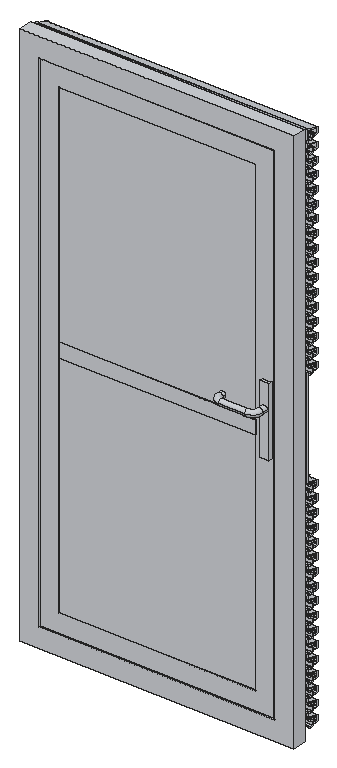
Revit family "NLRS_31_DO_WB_HS42R enkele deur-AV_jazo_jazo", category Doors, host Wall, Revit 2020
Family settings
  Host = Wall
  OmniClass Number = 23.30.10.00
  OmniClass Title = Doors
  Always vertical = Yes
  Cut with Voids When Loaded = No
  Shared = No
  Room Calculation Point = No
Parameters (values of type "TYPE CATALOG")
  URL = "www.jazo.com"
  Thickness = if(JAZO_C_forster presto kozijn, 50 mm, if(JAZO_C_aluminium kozijn, 60 mm, 50 mm))  # 50 mm
  Rough Width = NLRS_C_breedte_01  # 1010 mm
  Rough Height = NLRS_C_hoogte_01  # 2010 mm
  Operation = ""
  Negge = 61 mm
  NLRS_C_zelfsluitend = no
  NLRS_C_weerstandsklasse = "Voor specificaties of mogelijkheden, neem contact op."  # constant formula
  NLRS_C_vluchtroute = "Voor specificaties of mogelijkheden, neem contact op."  # constant formula
  NLRS_C_stelruimte = if(NLRS_C_brandwerend, 10 mm, 5 mm)  # 5 mm
  NLRS_C_rookwerendheid = "Voor specificaties of mogelijkheden, neem contact op."  # constant formula
  NLRS_C_offset_02 = if(JAZO_C_calculatie_03 < 0 mm, JAZO_C_calculatie_03 - ((NLRS_C_aantal_02 - 13) * 48 mm), NLRS_C_offset_01)  # 31.6 mm
  NLRS_C_offset_01 = if(JAZO_C_calculatie_03 > 0 mm, JAZO_C_calculatie_03 - ((NLRS_C_aantal_01 - 2) * 48 mm), 0 mm)  # 0 mm
  NLRS_C_offset = Negge  # 61 mm
  NLRS_C_merk = "Voor specificaties of mogelijkheden, neem contact op."  # constant formula
  NLRS_C_leverancier_url = "www.jazo.com"  # constant formula
  NLRS_C_leverancier_telefoonnummer = "+31 316 - 59 29 11"  # constant formula
  NLRS_C_leverancier_postcode = "6905 DJ"  # constant formula
  NLRS_C_leverancier_plaats = "Zevenaar"  # constant formula
  NLRS_C_leverancier_email = "info@jazo.com"  # constant formula
  NLRS_C_leverancier_bedrijfsnaam = "JAZO Zevenaar bv"  # constant formula
  NLRS_C_leverancier_adres = "Handelsdwarsstraat 10"  # constant formula
  NLRS_C_lengte_02 = if(JAZO_C_calculatie_02 < (13 * 48 mm), JAZO_C_calculatie_02, (13 * 48 mm))  # 559.6 mm
  NLRS_C_lengte_01 = if(JAZO_C_calculatie_01 > (2 * 48 mm), JAZO_C_calculatie_01, (2 * 48 mm))  # 96 mm
  NLRS_C_inbraakwerend = no
  NLRS_C_hoogte_min = if(JAZO_C_forster presto kozijn, if(and(NLRS_C_brandwerend, NLRS_C_inbraakwerend), 2050 mm, if(NLRS_C_inbraakwerend, 2050 mm, if(NLRS_C_brandwerend, 2000 mm, 1850 mm))), if(JAZO_C_aluminium kozijn, 1850 mm, 1850 mm))  # 1850 mm
  NLRS_C_hoogte_max = if(JAZO_C_forster presto kozijn, if(NLRS_C_inbraakwerend, 2640 mm, 3000 mm), if(JAZO_C_aluminium kozijn, if(NLRS_C_inbraakwerend, 2645 mm, 3200 mm), 2000 mm))  # 3000 mm
  NLRS_C_hoogte_01 = NLRS_C_hoogte + (NLRS_C_stelruimte * 2)  # 2010 mm
  NLRS_C_hoogte = if(Height < NLRS_C_hoogte_min, NLRS_C_hoogte_min, if(Height > NLRS_C_hoogte_max, NLRS_C_hoogte_max, Height))  # 2000 mm
  NLRS_C_geluidwering Rw = "Voor specificaties of mogelijkheden, neem contact op."  # constant formula
  NLRS_C_diepte_02 = if(JAZO_C_forster presto kozijn, 50 mm, 30 mm)  # 50 mm
  NLRS_C_diepte_01 = if(JAZO_C_forster presto kozijn, 111 mm, 121 mm)  # 111 mm
  NLRS_C_diepte = Thickness  # 50 mm
  NLRS_C_content_versie = "2.5"  # constant formula
  NLRS_C_content_revit versie = "REVIT 2020.2"  # constant formula
  NLRS_C_content_provider = "JAZO Zevenaar bv"  # constant formula
  NLRS_C_content_datum uitgifte = "17-8-2022"  # constant formula
  NLRS_C_content_datum gewijzigd = "7-11-2022"  # constant formula
  NLRS_C_content_creator = "JAZO Zevenaar bv"  # constant formula
  NLRS_C_breedte_min = 850 mm  # constant formula
  NLRS_C_breedte_max = if(JAZO_C_forster presto kozijn, if(NLRS_C_inbraakwerend, 1440 mm, 1500 mm), if(JAZO_C_aluminium kozijn, if(NLRS_C_inbraakwerend, 1661 mm, 1400 mm), 1000 mm))  # 1500 mm
  NLRS_C_breedte_01 = NLRS_C_breedte + NLRS_C_stelruimte * 2  # 1010 mm
  NLRS_C_breedte = if(Width < NLRS_C_breedte_min, NLRS_C_breedte_min, if(Width > NLRS_C_breedte_max, NLRS_C_breedte_max, Width))  # 1000 mm
  NLRS_C_brandwerend = no
  NLRS_C_aantal_02 = if(NLRS_C_hoogte < 2064.4 mm, rounddown(JAZO_C_calculatie_02 / 48 mm), 13)  # 11
  NLRS_C_aantal_01 = if(NLRS_C_hoogte > 2064.4 mm, rounddown(JAZO_C_calculatie_01 / 48 mm), 2)  # 2
  Model = "HS42R enkele deur"  # constant formula
  Manufacturer = "JAZO Zevenaar bv"  # constant formula
  MIN WIDTH = NLRS_C_breedte_min  # 850 mm
  MIN HEIGHT = NLRS_C_hoogte_min  # 1850 mm
  MAX WIDTH = NLRS_C_breedte_max  # 1500 mm
  MAX HEIGHT = NLRS_C_hoogte_max  # 3000 mm
  JAZO_C_ventilerend = no
  JAZO_C_paniekfunctie = no
  JAZO_C_opbouwrooster HS42R = if(or(JAZO_C_aluminium kozijn, JAZO_C_forster presto kozijn), 1 < 2, 2 < 1)  # yes
  JAZO_C_niet ventilerend = yes
  JAZO_C_materiaal schoep = none
  JAZO_C_materiaal scharnier = none
  JAZO_C_materiaal forster presto sandwichpaneel = none
  JAZO_C_materiaal forster presto kozijn = none
  JAZO_C_materiaal forster presto deurprofiel = none
  JAZO_C_materiaal beslag = none
  JAZO_C_materiaal aluminium planken = none
  JAZO_C_materiaal aluminium kozijn = none
  JAZO_C_forster presto kozijn = yes
  JAZO_C_dagmaat hoogte = if(JAZO_C_forster presto kozijn, NLRS_C_hoogte - 70 mm - 70 mm, if(JAZO_C_aluminium kozijn, NLRS_C_hoogte - 52 mm - 52 mm, 0 mm))  # 1860 mm
  JAZO_C_dagmaat breedte = if(JAZO_C_forster presto kozijn, NLRS_C_breedte - 70 mm - 70 mm, if(JAZO_C_aluminium kozijn, NLRS_C_breedte - 52 mm - 52 mm, 0 mm))  # 860 mm
  JAZO_C_calculatie_03 = (NLRS_C_hoogte - JAZO_C_calculatie_01 - JAZO_C_calculatie_02 - 75.2 mm - 240 mm - 240 mm - 144 mm - 336 mm - 240 mm - 48 mm - 21.2 mm) * -1  # -64.4 mm
  JAZO_C_calculatie_02 = NLRS_C_hoogte - (2 mm * 48) - 75.2 mm - 240 mm - 240 mm - 144 mm - 336 mm - 240 mm - 48 mm - 21.2 mm  # 559.6 mm
  JAZO_C_calculatie_01 = NLRS_C_hoogte - (13 mm * 48) - 75.2 mm - 240 mm - 240 mm - 144 mm - 336 mm - 240 mm - 48 mm - 21.2 mm  # 31.6 mm
  JAZO_C_aluminium kozijn = no
  Function = Exterior
  Height = 2000 mm
  Wall Closure = By host
  Width = 1000 mm
  Description = "HS42R enkele deur"  # constant formula
  Define Thermal Properties by = User Defined
  Construction Type = "Voor specificaties of mogelijkheden, neem contact op."  # constant formula
  Assembly Code = "23.30.10.00"
  Analytic Construction = "<None>"
Reference planes
  plane 1 "Center (Front/Back)": y = 0
  plane 2 "Center (Left/Right)": x = 0
  plane 3 "Left": x = -500
  plane 4 "Right": x = 500
  plane 5 "Top": z = 2005
  plane 6 "Exterior": y = 75
  plane 7 "Interior": y = -75
  plane 8 "stelruimte r": x = 505
  plane 9 "stelruimte l": x = -505
  plane 10 "stelruimte b": z = 2010
  plane 11 "stelruimte o": z = 5
  plane 12 "center kozijn": y = -11
  plane 13 "Center": z = 1005
  plane 14 "voorkant kozijn": y = 14
  plane 15 "achterkant kozijn": y = -36
  plane 16 "start_schoep": z = 1998.2
  plane 17 "sectie 2": z = 1683
  plane 18 "sectie 3": z = 1587
  plane 19 "sectie 4": z = 1347
  plane 20 "sectie 5": z = 1203
  plane 21 "sectie 6": z = 867
  plane 22 "sectie 7": z = 307.4
  plane 23 "sectie 8": z = 67.4
  plane 24 "sectie 9": z = 19.4
  plane 25 "offset sectie 3": z = 1587
  plane 26 "offset sectie 4": z = 1347
  plane 27 "offset sectie 5": z = 1203
  plane 28 "offset sectie 6": z = 867
  plane 29 "offset sectie 7": z = 339
  plane 30 "offset sectie 8": z = 99
  plane 31 "voorkant schoep": y = 75
  plane 32 "center kozijn + schoep": y = 19.5
  plane 33 "sectie 1": z = 1923
Lines and regions (mm)
  Opening 1
    outline origin (-3161.91, -75, 0) x (1, 0, 0) y (0, 0, 1)
      loop
        line (2656.91, 0) -> (3666.91, 0) -> (3666.91, 2010) -> (2656.91, 2010) -> (2656.91, 0)
  symbolic lines, style "Swing Elevation"
    curve 1: line (500, -75, 1005) -> (-500, -75, 2005)
    curve 2: line (500, -75, 1005) -> (-500, -75, 0)
Text (mm)
  text "Exterior" at (-2295.016, 1099.543, 0), in view "Ref. Level"
  text "Exterior" at (0, 1615.38, 3698.081), in view "Left"
  text "Exterior" at (0, 1036.032, 3874.932), in view "Right"
Dimensions and locks
  equal spacing: plane 9 "stelruimte l", plane 2 "Center (Left/Right)", plane 8 "stelruimte r"
  "NLRS_C_breedte": plane 3 "Left" to plane 4 "Right"
  "NLRS_C_hoogte": plane 5 "Top" to plane 11 "stelruimte o"
  "NLRS_C_hoogte_01": host wall to plane 10 "stelruimte b"
  locked: plane 6 "Exterior" to host wall
  locked: plane 7 "Interior" to host wall
  "NLRS_C_breedte_01": plane 9 "stelruimte l" to plane 8 "stelruimte r"
  equal spacing: plane 3 "Left", plane 2 "Center (Left/Right)", plane 4 "Right"
  equal spacing: plane 11 "stelruimte o", plane 13 "Center", plane 5 "Top"
  "NLRS_C_stelruimte": level to plane 11 "stelruimte o"
  locked: plane 16 "start_schoep" to plane 5 "Top" at 6.8
  locked: plane 17 "sectie 2" to plane 33 "sectie 1" at 240
  "NLRS_C_lengte_01": plane 18 "sectie 3" to plane 17 "sectie 2"
  locked: plane 19 "sectie 4" to plane 18 "sectie 3" at 240
  locked: plane 20 "sectie 5" to plane 19 "sectie 4" at 144
  locked: plane 21 "sectie 6" to plane 20 "sectie 5" at 336
  "NLRS_C_lengte_02": plane 22 "sectie 7" to plane 21 "sectie 6"
  locked: plane 23 "sectie 8" to plane 22 "sectie 7" at 240
  locked: plane 24 "sectie 9" to plane 23 "sectie 8" at 48
  "NLRS_C_offset_01": plane 18 "sectie 3" to plane 25 "offset sectie 3"
  "NLRS_C_offset_01": plane 19 "sectie 4" to plane 26 "offset sectie 4"
  "NLRS_C_offset_01": plane 20 "sectie 5" to plane 27 "offset sectie 5"
  "NLRS_C_offset_01": plane 21 "sectie 6" to plane 28 "offset sectie 6"
  "NLRS_C_offset_02": plane 22 "sectie 7" to plane 29 "offset sectie 7"
  "NLRS_C_offset_02": plane 23 "sectie 8" to plane 30 "offset sectie 8"
  equal spacing: plane 14 "voorkant kozijn", plane 12 "center kozijn", plane 15 "achterkant kozijn"
  "NLRS_C_diepte": plane 14 "voorkant kozijn" to plane 15 "achterkant kozijn"
  "NLRS_C_diepte_01": plane 31 "voorkant schoep" to plane 15 "achterkant kozijn"
  equal spacing: plane 31 "voorkant schoep", plane 32 "center kozijn + schoep", plane 15 "achterkant kozijn"
  "NLRS_C_offset": plane 14 "voorkant kozijn" to plane 6 "Exterior"
  locked: plane 33 "sectie 1" to plane 16 "start_schoep" at 75.2
  equal spacing: group 1, group 2, group 3, group 4, group 5  (x2)
  equal spacing: group 5, group 4, group 3, group 2, group 1
  locked: plane 33 "sectie 1" to nested 10 at 48
  group 6 to group 7 = 0 mm  (x2)
  group 7 to group 6 = 48 mm
  locked: plane 17 "sectie 2" to nested 15 at 48
  equal spacing: group 8, group 9, group 10, group 11, group 12  (x2)
  equal spacing: group 12, group 11, group 10, group 9, group 8
  locked: plane 25 "offset sectie 3" to nested 17 at 48
  equal spacing: group 13, group 14, group 15  (x2)
  equal spacing: group 15, group 14, group 13
  locked: plane 26 "offset sectie 4" to nested 22 at 48
  equal spacing: group 16, group 17, group 18, group 19, group 20, group 21, group 22  (x2)
  equal spacing: group 22, group 21, group 20, group 19, group 18, group 17, group 16
  locked: plane 27 "offset sectie 5" to nested 25 at 48
  equal spacing: group 23, group 24, group 25, group 26, group 27, group 28, group 29, group 30, group 36, group 37, group 38  (x2)
  equal spacing: group 38, group 37, group 36, group 30, group 29, group 28, group 27, group 26, group 25, group 24, group 23
  locked: plane 28 "offset sectie 6" to nested 32 at 48
  equal spacing: group 31, group 32, group 33, group 34, group 35  (x2)
  equal spacing: group 35, group 34, group 33, group 32, group 31
  locked: plane 29 "offset sectie 7" to nested 40 at 48
  locked: plane 28 "offset sectie 6" to nested 47 at 217.564
  locked: plane 30 "offset sectie 8" to nested 51 at 22.25
  locked: plane 26 "offset sectie 4" to nested 52 at 22.3
  locked: plane 17 "sectie 2" to nested 53 at 22.3
  locked: plane 17 "sectie 2" to nested 56 at 22.3
  locked: plane 26 "offset sectie 4" to nested 55 at 22.3
  locked: plane 30 "offset sectie 8" to nested 54 at 22.3
  aligned and locked: Opening 1 sketch curve to level
  aligned and locked: plane 1 "Center (Front/Back)" to host wall
  aligned and locked: Opening 1 sketch curve to plane 9 "stelruimte l"
  aligned and locked: plane 10 "stelruimte b" to Opening 1 sketch curve
  aligned and locked: Opening 1 sketch curve to plane 8 "stelruimte r"
  aligned and locked: plane 2 "Center (Left/Right)" to nested 1
  aligned and locked: nested 1 to plane 12 "center kozijn"
  aligned and locked: nested 1 to plane 5 "Top"
  aligned and locked: plane 2 "Center (Left/Right)" to nested 2
  aligned and locked: nested 2 to plane 12 "center kozijn"
  aligned and locked: nested 3 to plane 12 "center kozijn"
  aligned and locked: plane 2 "Center (Left/Right)" to nested 3
  aligned and locked: plane 2 "Center (Left/Right)" to nested 4
  aligned and locked: nested 4 to plane 12 "center kozijn"
  aligned and locked: nested 5 to plane 12 "center kozijn"
  aligned and locked: plane 2 "Center (Left/Right)" to nested 5
  aligned and locked: nested 3 to plane 5 "Top"
  aligned and locked: nested 5 to plane 5 "Top"
  aligned and locked: plane 2 "Center (Left/Right)" to nested 6
  aligned and locked: nested 6 to plane 32 "center kozijn + schoep"
  aligned and locked: plane 2 "Center (Left/Right)" to nested 7
  aligned and locked: nested 7 to plane 32 "center kozijn + schoep"
  aligned and locked: plane 13 "Center" to nested 4
  aligned and locked: plane 2 "Center (Left/Right)" to nested 8
  aligned and locked: plane 14 "voorkant kozijn" to nested 8
  aligned and locked: nested 8 to plane 16 "start_schoep"
  aligned and locked: plane 2 "Center (Left/Right)" to nested 9
  aligned and locked: plane 14 "voorkant kozijn" to nested 9
  aligned and locked: plane 33 "sectie 1" to nested 9
  aligned and locked: plane 14 "voorkant kozijn" to nested 10
  aligned and locked: plane 2 "Center (Left/Right)" to nested 14
  aligned and locked: plane 14 "voorkant kozijn" to nested 14
  aligned and locked: nested 14 to plane 17 "sectie 2"
  aligned and locked: plane 14 "voorkant kozijn" to nested 15
  aligned and locked: plane 2 "Center (Left/Right)" to nested 16
  aligned and locked: plane 14 "voorkant kozijn" to nested 16
  aligned and locked: nested 16 to plane 25 "offset sectie 3"
  aligned and locked: plane 14 "voorkant kozijn" to nested 17
  aligned and locked: plane 2 "Center (Left/Right)" to nested 21
  aligned and locked: plane 14 "voorkant kozijn" to nested 21
  aligned and locked: nested 21 to plane 26 "offset sectie 4"
  aligned and locked: plane 14 "voorkant kozijn" to nested 22
  aligned and locked: plane 2 "Center (Left/Right)" to nested 24
  aligned and locked: plane 14 "voorkant kozijn" to nested 24
  aligned and locked: nested 24 to plane 27 "offset sectie 5"
  aligned and locked: plane 14 "voorkant kozijn" to nested 25
  aligned and locked: plane 2 "Center (Left/Right)" to nested 31
  aligned and locked: plane 14 "voorkant kozijn" to nested 31
  aligned and locked: nested 31 to plane 28 "offset sectie 6"
  aligned and locked: plane 14 "voorkant kozijn" to nested 32
  aligned and locked: plane 2 "Center (Left/Right)" to nested 39
  aligned and locked: plane 14 "voorkant kozijn" to nested 39
  aligned and locked: nested 39 to plane 29 "offset sectie 7"
  aligned and locked: plane 14 "voorkant kozijn" to nested 40
  aligned and locked: plane 2 "Center (Left/Right)" to nested 44
  aligned and locked: plane 14 "voorkant kozijn" to nested 44
  aligned and locked: nested 44 to plane 30 "offset sectie 8"
  aligned and locked: plane 4 "Right" to nested 45
  aligned and locked: nested 45 to plane 31 "voorkant schoep"
  aligned and locked: nested 46 to plane 3 "Left"
  aligned and locked: nested 46 to plane 14 "voorkant kozijn"
  aligned and locked: nested 47 to plane 4 "Right"
  aligned and locked: nested 47 to plane 14 "voorkant kozijn"
  aligned and locked: nested 54 to plane 3 "Left"
  aligned and locked: nested 55 to plane 3 "Left"
  aligned and locked: nested 56 to plane 3 "Left"
  aligned and locked: plane 14 "voorkant kozijn" to nested 56
  aligned and locked: plane 14 "voorkant kozijn" to nested 55
  aligned and locked: plane 14 "voorkant kozijn" to nested 54
  aligned and locked: nested 51 to plane 3 "Left"
  aligned and locked: nested 52 to plane 3 "Left"
  aligned and locked: nested 53 to plane 3 "Left"
  aligned and locked: nested 53 to plane 14 "voorkant kozijn"
  aligned and locked: nested 52 to plane 14 "voorkant kozijn"
  aligned and locked: nested 51 to plane 14 "voorkant kozijn"
  aligned and locked: nested 2 to plane 5 "Top"
  aligned and locked: nested 57 to plane 3 "Left"
  aligned and locked: nested 57 to plane 4 "Right"
  aligned and locked: plane 14 "voorkant kozijn" to nested 57
  aligned and locked: plane 2 "Center (Left/Right)" to nested 58
  aligned and locked: nested 58 to plane 32 "center kozijn + schoep"
Automatic sketch dimensions
  plane 4 "Right" to curve 2 = 0 mm
  curve 2 to level = 0 mm
  curve 2 to plane 13 "Center" = 0 mm
  plane 3 "Left" to curve 1 = 0 mm
  curve 1 to plane 5 "Top" = 0 mm
  plane 3 "Left" to curve 2 = 0 mm
Nested families
  nested 1: "NLRS_31_GM_UN_forster presto kozijn-AV" at (0, -11, 5), type "forster presto kozijn"
    with NLRS_C_breedte 1000 mm
  nested 2: "NLRS_31_GM_UN_aluminium kozijn-AV" at (0, -11, 5), type "aluminium kozijn"
  nested 3: "NLRS_31_GM_UN_forster presto deurprofiel-AV" at (0, -11, 5), type "forster presto deurprofiel"
  nested 4: "NLRS_31_GM_UN_forster presto sandwichpaneel opbouwroosters-AV" at (0, -11, 5), type "forster presto sandiwchpaneel opbouwroosters"
    with NLRS_C_zichtbaar_02 no, NLRS_C_breedte_01 720 mm, NLRS_C_breedte 1000 mm, NLRS_C_brandwerend no, JAZO_C_ventilerend no, JAZO_C_niet ventilerend yes
  nested 5: "NLRS_31_GM_UN_aluminium planken opbouwroosters-AV" at (0, 4.008, 5), type "aluminium planken"
    with NLRS_C_zichtbaar_01 no, NLRS_C_hoogte_04 759.5 mm, NLRS_C_hoogte_03 755.5 mm, NLRS_C_hoogte_02 1930 mm, NLRS_C_hoogte 2000 mm, NLRS_C_breedte_03 742 mm, NLRS_C_breedte_02 753 mm, NLRS_C_breedte_01 952 mm, NLRS_C_breedte 1000 mm, NLRS_C_aantal_02 38, NLRS_C_aantal_01 38, JAZO_C_aluminium kozijn no
  nested 6: "NLRS_31_DI_UN_markering" at (0, 19.5, 0), type "markering"
  nested 7: "NLRS_31_GA_UN_error message" at (0, 19.5, 0), type "error message"
    with NLRS_C_zichtbaar_10 no, NLRS_C_zichtbaar_05 no, NLRS_C_hoogte_max 3000 mm, NLRS_C_hoogte 2000 mm, NLRS_C_breedte_max 1500 mm, NLRS_C_brandwerend no, JAZO_C_aluminium kozijn no
  nested 8: "NLRS_31_GM_UN_HS42R start schoep-AV" at (0, 50, 1907.986), NLRS_C_breedte <- "NLRS_C_breedte", type "HS42R start schoep"
    with NLRS_C_breedte 1000 mm
  nested 9: "NLRS_31_GM_UN_HS42R scharnier schoep-AV" at (0, 50, 1860.584), NLRS_C_breedte <- "NLRS_C_breedte", type "HS42R scharnier schoep"
    with NLRS_C_breedte 1000 mm
  nested 10: "NLRS_31_GM_UN_HS42R scharnier schoep-AV" at (0, 50, 1812.584), NLRS_C_breedte <- "NLRS_C_breedte", type "HS42R scharnier schoep"
    with NLRS_C_breedte 1000 mm
  nested 11: "NLRS_31_GM_UN_HS42R scharnier schoep-AV" at (0, 50, 1764.584), NLRS_C_breedte <- "NLRS_C_breedte", type "HS42R scharnier schoep"
    with NLRS_C_breedte 1000 mm
  nested 12: "NLRS_31_GM_UN_HS42R scharnier schoep-AV" at (0, 50, 1716.584), NLRS_C_breedte <- "NLRS_C_breedte", type "HS42R scharnier schoep"
    with NLRS_C_breedte 1000 mm
  nested 13: "NLRS_31_GM_UN_HS42R scharnier schoep-AV" at (0, 50, 1668.584), NLRS_C_breedte <- "NLRS_C_breedte", type "HS42R scharnier schoep"
    with NLRS_C_breedte 1000 mm
  nested 14: "NLRS_31_GM_UN_HS42R schoep-AV" at (0, 50, 1620.584), NLRS_C_breedte <- "NLRS_C_breedte", type "HS42R schoep"
    with NLRS_C_breedte 1000 mm
  nested 15: "NLRS_31_GM_UN_HS42R schoep-AV" at (0, 50, 1572.584), NLRS_C_breedte <- "NLRS_C_breedte", type "HS42R schoep"
    with NLRS_C_breedte 1000 mm
  nested 16: "NLRS_31_GM_UN_HS42R scharnier schoep-AV" at (0, 50, 1524.584), NLRS_C_breedte <- "NLRS_C_breedte", type "HS42R scharnier schoep"
    with NLRS_C_breedte 1000 mm
  nested 17: "NLRS_31_GM_UN_HS42R scharnier schoep-AV" at (0, 50, 1476.584), NLRS_C_breedte <- "NLRS_C_breedte", type "HS42R scharnier schoep"
    with NLRS_C_breedte 1000 mm
  nested 18: "NLRS_31_GM_UN_HS42R scharnier schoep-AV" at (0, 50, 1428.584), NLRS_C_breedte <- "NLRS_C_breedte", type "HS42R scharnier schoep"
    with NLRS_C_breedte 1000 mm
  nested 19: "NLRS_31_GM_UN_HS42R scharnier schoep-AV" at (0, 50, 1380.584), NLRS_C_breedte <- "NLRS_C_breedte", type "HS42R scharnier schoep"
    with NLRS_C_breedte 1000 mm
  nested 20: "NLRS_31_GM_UN_HS42R scharnier schoep-AV" at (0, 50, 1332.584), NLRS_C_breedte <- "NLRS_C_breedte", type "HS42R scharnier schoep"
    with NLRS_C_breedte 1000 mm
  nested 21: "NLRS_31_GM_UN_HS42R schoep-AV" at (0, 50, 1284.584), NLRS_C_breedte <- "NLRS_C_breedte", type "HS42R schoep"
    with NLRS_C_breedte 1000 mm
  nested 22: "NLRS_31_GM_UN_HS42R schoep-AV" at (0, 50, 1236.584), NLRS_C_breedte <- "NLRS_C_breedte", type "HS42R schoep"
    with NLRS_C_breedte 1000 mm
  nested 23: "NLRS_31_GM_UN_HS42R schoep-AV" at (0, 50, 1188.584), NLRS_C_breedte <- "NLRS_C_breedte", type "HS42R schoep"
    with NLRS_C_breedte 1000 mm
  nested 24: "NLRS_31_GM_UN_HS42R beslag schoep-AV" at (0, 50, 1140.584), NLRS_C_breedte <- "NLRS_C_breedte", type "HS42R beslag schoep"
    with NLRS_C_breedte 1000 mm
  nested 25: "NLRS_31_GM_UN_HS42R beslag schoep-AV" at (0, 50, 1092.584), NLRS_C_breedte <- "NLRS_C_breedte", type "HS42R beslag schoep"
    with NLRS_C_breedte 1000 mm
  nested 26: "NLRS_31_GM_UN_HS42R beslag schoep-AV" at (0, 50, 1044.584), NLRS_C_breedte <- "NLRS_C_breedte", type "HS42R beslag schoep"
    with NLRS_C_breedte 1000 mm
  nested 27: "NLRS_31_GM_UN_HS42R beslag schoep-AV" at (0, 50, 996.584), NLRS_C_breedte <- "NLRS_C_breedte", type "HS42R beslag schoep"
    with NLRS_C_breedte 1000 mm
  nested 28: "NLRS_31_GM_UN_HS42R beslag schoep-AV" at (0, 50, 948.584), NLRS_C_breedte <- "NLRS_C_breedte", type "HS42R beslag schoep"
    with NLRS_C_breedte 1000 mm
  nested 29: "NLRS_31_GM_UN_HS42R beslag schoep-AV" at (0, 50, 900.584), NLRS_C_breedte <- "NLRS_C_breedte", type "HS42R beslag schoep"
    with NLRS_C_breedte 1000 mm
  nested 30: "NLRS_31_GM_UN_HS42R beslag schoep-AV" at (0, 50, 852.584), NLRS_C_breedte <- "NLRS_C_breedte", type "HS42R beslag schoep"
    with NLRS_C_breedte 1000 mm
  nested 31: "NLRS_31_GM_UN_HS42R schoep-AV" at (0, 50, 804.584), NLRS_C_breedte <- "NLRS_C_breedte", type "HS42R schoep"
    with NLRS_C_breedte 1000 mm
  nested 32: "NLRS_31_GM_UN_HS42R schoep-AV" at (0, 50, 756.584), NLRS_C_breedte <- "NLRS_C_breedte", type "HS42R schoep"
    with NLRS_C_breedte 1000 mm
  nested 33: "NLRS_31_GM_UN_HS42R schoep-AV" at (0, 50, 708.584), NLRS_C_breedte <- "NLRS_C_breedte", type "HS42R schoep"
    with NLRS_C_breedte 1000 mm
  nested 34: "NLRS_31_GM_UN_HS42R schoep-AV" at (0, 50, 660.584), NLRS_C_breedte <- "NLRS_C_breedte", type "HS42R schoep"
    with NLRS_C_breedte 1000 mm
  nested 35: "NLRS_31_GM_UN_HS42R schoep-AV" at (0, 50, 612.584), NLRS_C_breedte <- "NLRS_C_breedte", type "HS42R schoep"
    with NLRS_C_breedte 1000 mm
  nested 36: "NLRS_31_GM_UN_HS42R schoep-AV" at (0, 50, 564.584), NLRS_C_breedte <- "NLRS_C_breedte", type "HS42R schoep"
    with NLRS_C_breedte 1000 mm
  nested 37: "NLRS_31_GM_UN_HS42R schoep-AV" at (0, 50, 516.584), NLRS_C_breedte <- "NLRS_C_breedte", type "HS42R schoep"
    with NLRS_C_breedte 1000 mm
  nested 38: "NLRS_31_GM_UN_HS42R schoep-AV" at (0, 50, 468.584), NLRS_C_breedte <- "NLRS_C_breedte", type "HS42R schoep"
    with NLRS_C_breedte 1000 mm
  nested 39: "NLRS_31_GM_UN_HS42R scharnier schoep-AV" at (0, 50, 276.584), NLRS_C_breedte <- "NLRS_C_breedte", type "HS42R scharnier schoep"
    with NLRS_C_breedte 1000 mm
  nested 40: "NLRS_31_GM_UN_HS42R scharnier schoep-AV" at (0, 50, 228.584), NLRS_C_breedte <- "NLRS_C_breedte", type "HS42R scharnier schoep"
    with NLRS_C_breedte 1000 mm
  nested 41: "NLRS_31_GM_UN_HS42R scharnier schoep-AV" at (0, 50, 180.584), NLRS_C_breedte <- "NLRS_C_breedte", type "HS42R scharnier schoep"
    with NLRS_C_breedte 1000 mm
  nested 42: "NLRS_31_GM_UN_HS42R scharnier schoep-AV" at (0, 50, 132.584), NLRS_C_breedte <- "NLRS_C_breedte", type "HS42R scharnier schoep"
    with NLRS_C_breedte 1000 mm
  nested 43: "NLRS_31_GM_UN_HS42R scharnier schoep-AV" at (0, 50, 84.584), NLRS_C_breedte <- "NLRS_C_breedte", type "HS42R scharnier schoep"
    with NLRS_C_breedte 1000 mm
  nested 44: "NLRS_31_GM_UN_HS42R schoep-AV" at (0, 50, 36.584), NLRS_C_breedte <- "NLRS_C_breedte", type "HS42R schoep"
    with NLRS_C_breedte 1000 mm
  nested 45: "NLRS_31_DI_UN_beslagbak detail HS42R HJ44" at (401, 75, 0), type "beslagbak detail HS42R HJ44"
  nested 46: "NLRS_31_DI_UN_scharnier detail HS42R HJ44" at (-500, 14, 0), type "scharnier detail HS42R HJ44"
  nested 47: "NLRS_31_GM_UN_beslagbak HS42R-AV" at (401, 25, 804.564), type "beslagbak HS42R"
  nested 48: "NLRS_31_GM_UN_HS42R schoep-AV" at (0, 50, 420.584), NLRS_C_breedte <- "NLRS_C_breedte", type "HS42R schoep"
    with NLRS_C_breedte 1000 mm
  nested 49: "NLRS_31_GM_UN_HS42R schoep-AV" at (0, 50, 372.584), NLRS_C_breedte <- "NLRS_C_breedte", type "HS42R schoep"
    with NLRS_C_breedte 1000 mm
  nested 50: "NLRS_31_GM_UN_HS42R schoep-AV" at (0, 50, 324.584), NLRS_C_breedte <- "NLRS_C_breedte", type "HS42R schoep"
    with NLRS_C_breedte 1000 mm
  nested 51: "NLRS_31_GM_UN_scharnier aluminium HS42R HJ44-AV" at (-480, 75.5, 121.25), type "scharnier aluminium HS42R HJ44"
  nested 52: "NLRS_31_GM_UN_scharnier aluminium HS42R HJ44-AV" at (-480, 75.5, 1369.3), type "scharnier aluminium HS42R HJ44"
  nested 53: "NLRS_31_GM_UN_scharnier aluminium HS42R HJ44-AV" at (-480, 75.5, 1705.3), type "scharnier aluminium HS42R HJ44"
  nested 54: "NLRS_31_GM_UN_scharnier staal HS42R HJ44-AV" at (-480, 68, 121.3), type "scharnier staal HS42R HJ44"
  nested 55: "NLRS_31_GM_UN_scharnier staal HS42R HJ44-AV" at (-480, 68, 1369.3), type "scharnier staal HS42R HJ44"
  nested 56: "NLRS_31_GM_UN_scharnier staal HS42R HJ44-AV" at (-480, 68, 1705.3), type "scharnier staal HS42R HJ44"
  nested 57: "NLRS_31_GM_UN_door swing" at (-500, 14, 0) x (-1, 0, 0) z (0, 0, 1), NLRS_C_breedte <- "NLRS_C_breedte", visible <- "JAZO_C_opbouwrooster HS42R", type "door swing"
    with NLRS_C_hoek 90.00°, NLRS_C_breedte 1000 mm
  nested 58: "NLRS_31_GA_UN_error message paniekfunctie" at (0, 19.5, 0), type "error message"
    with NLRS_C_zichtbaar_01 no, NLRS_C_inbraakwerend no, JAZO_C_ventilerend no, JAZO_C_paniekfunctie no
Definition of nested family "NLRS_31_GM_UN_forster presto kozijn-AV"
  Parameters (values of type "forster presto kozijn")
    URL = "www.jazo.com"
    NLRS_C_zichtbaar_01 = yes
    NLRS_C_materiaal = none
    NLRS_C_hoogte = 2000 mm
    NLRS_C_diepte = 50 mm  # constant formula
    NLRS_C_breedte = 2500 mm
    Model = "Forster Presto kozijn"
    Manufacturer = "JAZO Zevenaar bv"
    Description = "Forster Presto kozijn"
    Default Elevation = 0 mm
    Assembly Code = "23.30.10.11.11"
  Reference planes
    plane 1 "Center (Front/Back)": y = 0
    plane 2 "Bottom": z = 0
    plane 3 "Center (Left/Right)": x = 0
    plane 4 "Left": x = -1250
    plane 5 "Right": x = 1250
    plane 6 "Top": z = 2000
    plane 7 "voorkant kozijn": y = 25
    plane 8 "achterkant kozijn": y = -25
  Forms (mm)
    Sweep 1, solid, material <- "NLRS_C_materiaal", visible <- "NLRS_C_zichtbaar_01"
      path origin (0, 0, 0) x (1, 0, 0) y (0, 0, 1)
        loop
          line (-1250, 2000) -> (-1250, 0) -> (1250, 0) -> (1250, 2000) -> (-1250, 2000)
      profile origin (0, 0, 2000) x (0, 0, 1) y (0, -1, 0)
        loop
          line (0, -25) -> (0, 25) -> (-50, 25) -> (-70, 25) -> (-70, 22.003) -> (-50, 22.003) -> (-50, -19) -> (-36, -19) -> (-36, -25) -> (0, -25)
  Lines and regions (mm)
    symbolic lines, visible <- "NLRS_C_zichtbaar_01"
      curve 1: line (-1181.52, -25, 0) -> (1181.52, -25, 0)
      curve 2: line (-1216.25, 25, 0) -> (1216.25, 25, 0)
    symbolic lines
      curve 3: line (0, -25, 1931.52) -> (0, -25, 68.48)
      curve 4: line (0, 25, 33.75) -> (0, 25, 1966.25)
  Dimensions and locks
    "NLRS_C_hoogte": plane 6 "Top" to plane 2 "Bottom"
    "NLRS_C_diepte": plane 7 "voorkant kozijn" to plane 8 "achterkant kozijn"
    "NLRS_C_breedte": plane 4 "Left" to plane 5 "Right"
    equal spacing: plane 4 "Left", plane 3 "Center (Left/Right)", plane 5 "Right"
    aligned and locked: level to plane 2 "Bottom"
    aligned and locked: Sweep 1 to plane 8 "achterkant kozijn"
    aligned and locked: Sweep 1 to plane 7 "voorkant kozijn"
    aligned and locked: nested 1 to plane 8 "achterkant kozijn"
    aligned and locked: nested 2 to plane 8 "achterkant kozijn"
    aligned and locked: Sweep 1 sketch curve to plane 6 "Top"
    aligned and locked: Sweep 1 sketch curve to plane 4 "Left"
    aligned and locked: plane 5 "Right" to Sweep 1 sketch curve
    aligned and locked: plane 2 "Bottom" to Sweep 1 sketch curve
    aligned and locked: nested 1 to plane 4 "Left"
    aligned and locked: nested 2 to plane 5 "Right"
    aligned and locked: nested 4 to plane 6 "Top"
    aligned and locked: nested 3 to plane 2 "Bottom"
    aligned and locked: curve 1 to plane 8 "achterkant kozijn"
    aligned and locked: curve 2 to plane 7 "voorkant kozijn"
    aligned and locked: plane 8 "achterkant kozijn" to curve 3
    aligned and locked: curve 4 to plane 7 "voorkant kozijn"
  Automatic sketch dimensions
    profile plane to Sweep 1 sketch curve = 0 mm
    profile plane to Sweep 1 sketch curve = 36 mm
    Sweep 1 sketch curve to Sweep 1 sketch curve = 14 mm
    Sweep 1 sketch curve to Sweep 1 sketch curve = 0 mm
    Sweep 1 sketch curve to Sweep 1 sketch curve = 20 mm
    Sweep 1 sketch curve to plane 1 "Center (Front/Back)" = 25 mm
    Sweep 1 sketch curve to Sweep 1 sketch curve = 6 mm
    plane 1 "Center (Front/Back)" to Sweep 1 sketch curve = 22.003 mm
    Sweep 1 sketch curve to Sweep 1 sketch curve = 2.997 mm
    curve 2 to plane 4 "Left" = 33.75 mm
    curve 2 to curve 1 = 34.73 mm
    plane 5 "Right" to curve 1 = 68.48 mm
    plane 5 "Right" to curve 2 = 33.75 mm
    level to curve 4 = 33.75 mm
    curve 4 to curve 3 = 34.73 mm
    curve 3 to plane 6 "Top" = 68.48 mm
    curve 4 to plane 6 "Top" = 33.75 mm
  Nested families
    nested 1: "NLRS_31_DI_UN_forster presto kozijn detail" at (-1250, -25, 0) x (0, 1, 0) z (0, 0, 1), visible <- "NLRS_C_zichtbaar_01", type "forster presto kozijn detail"
    nested 2: "NLRS_31_DI_UN_forster presto kozijn detail" at (1250, -25, 0) x (0, 1, 0) z (0, 0, 1), visible <- "NLRS_C_zichtbaar_01", type "forster presto kozijn detail"
    nested 3: "NLRS_31_DI_UN_forster presto kozijn detail" at (0, -25, 0) x (0, 1, 0) z (1, 0, 0), visible <- "NLRS_C_zichtbaar_01", type "forster presto kozijn detail"
    nested 4: "NLRS_31_DI_UN_forster presto kozijn detail" at (0, -25, 2000) x (0, 1, 0) z (1, 0, 0), visible <- "NLRS_C_zichtbaar_01", type "forster presto kozijn detail"
  Definition of nested family "NLRS_31_DI_UN_forster presto kozijn detail"
    Parameters (values of type "forster presto kozijn detail")
      URL = "www.jazo.com"
      Manufacturer = "Jazo Zevenaar BV"
      Description = "Forster presto kozijn detail"
    Reference planes
      plane 1 "Center (Front/Back)": y = 0
      plane 2: z = 0
      plane 3 "Center (Left/Right)": x = 0
    Lines and regions (mm)
      detail lines, in view "Ref. Level"
        curve 1: line (0, 2.25, 0) -> (0, 68.48, 0)
        curve 2: arc (0, 68.48, 0) -> (1.52, 70, 0) -> (3.04, 68.48, 0) r 1.52
        curve 3: line (3.04, 68.48, 0) -> (3.04, 50.75, 0)
        curve 4: arc (3.04, 50.75, 0) -> (3.26, 50.22, 0) -> (3.79, 50, 0) r 0.75
        curve 5: line (3.79, 50, 0) -> (42.48, 50, 0)
        curve 6: arc (42.48, 50, 0) -> (43.99, 48.306, 0) -> (42.134, 47, 0) r 1.52
        curve 7: line (42.134, 47, 0) -> (37, 47, 0)
        curve 8: arc (37, 46.96, 0) -> (35.51, 45.633, 0) -> (36.656, 44, 0) r 1.5
        curve 9: line (36.656, 44, 0) -> (42.79, 44, 0)
        curve 10: arc (42.79, 44, 0) -> (44.108, 43.561, 0) -> (44.901, 42.421, 0) r 2.2
        curve 11: line (45, 42.467, 0) -> (45, 36.75, 0)
        curve 12: arc (45, 36.75, 0) -> (45.22, 36.22, 0) -> (45.75, 36, 0) r 0.75
        curve 13: line (45.75, 36, 0) -> (47.75, 36, 0)
        curve 14: arc (47.75, 36, 0) -> (49.341, 35.341, 0) -> (50, 33.75, 0) r 2.25
        curve 15: line (50, 33.75, 0) -> (50, 2.25, 0)
        curve 16: arc (50, 2.25, 0) -> (49.341, 0.659, 0) -> (47.75, 0, 0) r 2.25
        curve 17: line (47.75, 0, 0) -> (2.25, 0, 0)
        curve 18: arc (2.25, 0, 0) -> (0.659, 0.659, 0) -> (0, 2.25, 0) r 2.25
        curve 19: arc (37, 48.46, 0) -> (34, 45.46, 0) -> (37, 42.46, 0) r 3
        curve 20: line (37, 42.46, 0) -> (42.75, 42.46, 0)
        curve 21: arc (42.75, 42.46, 0) -> (43.28, 42.24, 0) -> (43.5, 41.71, 0) r 0.75
        curve 22: line (43.5, 41.71, 0) -> (43.5, 36.75, 0)
        curve 23: arc (43.5, 36.75, 0) -> (44.159, 35.159, 0) -> (45.75, 34.5, 0) r 2.25
        curve 24: line (45.75, 34.5, 0) -> (47.75, 34.5, 0)
        curve 25: arc (47.75, 34.5, 0) -> (48.28, 34.28, 0) -> (48.5, 33.75, 0) r 0.75
        curve 26: line (48.5, 33.75, 0) -> (48.5, 2.25, 0)
        curve 27: arc (48.5, 2.25, 0) -> (48.28, 1.72, 0) -> (47.75, 1.5, 0) r 0.75
        curve 28: line (47.75, 1.5, 0) -> (2.25, 1.5, 0)
        curve 29: arc (2.25, 1.5, 0) -> (1.72, 1.72, 0) -> (1.5, 2.25, 0) r 0.75
        curve 30: line (1.5, 2.25, 0) -> (1.5, 68.48, 0)
        curve 31: arc (1.54, 50.75, 0) -> (2.199, 49.159, 0) -> (3.79, 48.5, 0) r 2.25
        curve 32: line (3.79, 48.5, 0) -> (42.48, 48.5, 0)
Definition of nested family "NLRS_31_GM_UN_forster presto deurprofiel-AV"
  Parameters (values of type "forster presto deurprofiel")
    URL = "www.jazo.com"
    NLRS_C_zichtbaar_01 = yes
    NLRS_C_materiaal = none
    NLRS_C_hoogte = 2000 mm
    NLRS_C_diepte = 50 mm  # constant formula
    NLRS_C_breedte = 1000 mm
    Model = "Forster Presto deurprofiel"
    Manufacturer = "JAZO Zevenaar bv"
    Description = "Forster presto deurprofiel"
    Default Elevation = 0 mm
    Assembly Code = "23.30.10.11.11"
  Reference planes
    plane 1 "Center (Front/Back)": y = 0
    plane 2 "Bottom": z = 0
    plane 3 "Center (Left/Right)": x = 0
    plane 4 "Left": x = -500
    plane 5 "Right": x = 500
    plane 6 "Top": z = 2000
    plane 7 "voorkant kozijn": y = 25
    plane 8 "achterkant kozijn": y = -25
    plane 9 "Center (Elevation)": z = 1000
  Forms (mm)
    Sweep 1, solid, material <- "NLRS_C_materiaal", visible <- "NLRS_C_zichtbaar_01"
      path origin (0, 0, 0) x (1, 0, 0) y (0, 0, 1)
        loop
          line (-500, 2000) -> (-500, 0) -> (500, 0) -> (500, 2000) -> (-500, 2000)
      profile origin (0, 0, 2000) x (0, 0, 1) y (0, -1, 0)
        loop
          line (-40, -22) -> (-60, -22) -> (-60, 19) -> (-74, 19) -> (-74, 25) -> (-140, 25) -> (-140, -22) -> (-160, -22) -> (-160, -25) -> (-40, -25) -> (-40, -22)
  Lines and regions (mm)
    symbolic lines, visible <- "NLRS_C_zichtbaar_01"
      curve 1: line (-362.25, -25, 0) -> (362.25, -25, 0)
      curve 2: line (-341.52, 25, 0) -> (341.52, 25, 0)
      curve 3: line (0, 25, 1841.52) -> (0, 25, 158.48)
      curve 4: line (0, -25, 123.75) -> (0, -25, 1862.25)
  Dimensions and locks
    equal spacing: plane 4 "Left", plane 3 "Center (Left/Right)", plane 5 "Right"
    "NLRS_C_breedte": plane 4 "Left" to plane 5 "Right"
    "NLRS_C_hoogte": plane 6 "Top" to plane 2 "Bottom"
    locked: plane 4 "Left" to nested 1 at 60
    locked: nested 2 to plane 5 "Right" at 60
    locked: nested 3 to plane 6 "Top" at 60
    equal spacing: plane 6 "Top", plane 9 "Center (Elevation)", plane 2 "Bottom"
    locked: Sweep 1 to plane 2 "Bottom" at 60
    aligned and locked: level to plane 2 "Bottom"
    aligned and locked: Sweep 1 to plane 7 "voorkant kozijn"  (x2)
    aligned and locked: plane 8 "achterkant kozijn" to nested 3
    aligned and locked: Sweep 1 sketch curve to plane 6 "Top"
    aligned and locked: Sweep 1 sketch curve to plane 4 "Left"
    aligned and locked: plane 5 "Right" to Sweep 1 sketch curve
    aligned and locked: plane 2 "Bottom" to Sweep 1 sketch curve
    aligned and locked: curve 1 to plane 8 "achterkant kozijn"
    aligned and locked: plane 7 "voorkant kozijn" to curve 2
    aligned and locked: curve 3 to plane 7 "voorkant kozijn"
    aligned and locked: curve 4 to plane 8 "achterkant kozijn"
  Automatic sketch dimensions
    profile plane to Sweep 1 sketch curve = 160 mm
    Sweep 1 sketch curve to Sweep 1 sketch curve = 20 mm  (x2)
    Sweep 1 sketch curve to Sweep 1 sketch curve = 66 mm
    Sweep 1 sketch curve to Sweep 1 sketch curve = 14 mm
    Sweep 1 sketch curve to plane 1 "Center (Front/Back)" = 25 mm
    Sweep 1 sketch curve to Sweep 1 sketch curve = 3 mm  (x2)
    Sweep 1 sketch curve to Sweep 1 sketch curve = 41 mm
    Sweep 1 sketch curve to Sweep 1 sketch curve = 6 mm
    curve 1 to plane 4 "Left" = 137.75 mm
    curve 1 to curve 2 = 20.73 mm
    plane 5 "Right" to curve 2 = 158.48 mm
    curve 2 to curve 1 = 20.73 mm
    level to curve 4 = 123.75 mm
    curve 4 to curve 3 = 34.73 mm
    curve 3 to plane 6 "Top" = 158.48 mm
    curve 3 to curve 4 = 20.73 mm
  Nested families
    nested 1: "NLRS_31_DI_UN_forster presto deurprofiel detail" at (-460, 25, 0) x (0, -1, 0) z (0, 0, 1), visible <- "NLRS_C_zichtbaar_01", type "forster presto deurprofiel detail"
    nested 2: "NLRS_31_DI_UN_forster presto deurprofiel detail" at (460, 25, 0) x (0, -1, 0) z (0, 0, 1), visible <- "NLRS_C_zichtbaar_01", type "forster presto deurprofiel detail"
    nested 3: "NLRS_31_DI_UN_forster presto deurprofiel detail" at (0, 25, 1960) x (0, -1, 0) z (1, 0, 0), visible <- "NLRS_C_zichtbaar_01", type "forster presto deurprofiel detail"
    nested 4: "NLRS_31_DI_UN_forster presto deurprofiel detail" at (0, 25, 40) x (0, -1, 0) z (1, 0, 0), visible <- "NLRS_C_zichtbaar_01", type "forster presto deurprofiel detail"
  Definition of nested family "NLRS_31_DI_UN_forster presto deurprofiel detail"
    Parameters (values of type "forster presto deurprofiel detail")
      URL = "www.jazo.com"
      Manufacturer = "Jazo Zevenaar BV"
      Description = "Forster presto deurprofiel detail"
      Assembly Code = "23.30.10.11.11"
    Reference planes
      plane 1 "Center (Front/Back)": y = 0
      plane 2: z = 0
      plane 3 "Center (Left/Right)": x = 0
    Lines and regions (mm)
      detail lines, in view "Ref. Level"
        curve 1: line (50, 36.25, 0) -> (50, 97.75, 0)
        curve 2: arc (50, 97.75, 0) -> (49.341, 99.341, 0) -> (47.75, 100, 0) r 2.25
        curve 3: line (47.75, 100, 0) -> (3.79, 100, 0)
        curve 4: arc (3.79, 100, 0) -> (3.26, 100.22, 0) -> (3.04, 100.75, 0) r 0.75
        curve 5: line (3.04, 100.75, 0) -> (3.04, 118.48, 0)
        curve 6: arc (3.04, 118.48, 0) -> (1.52, 120, 0) -> (0, 118.48, 0) r 1.52
        curve 7: line (0, 118.48, 0) -> (0, 1.52, 0)
        curve 8: arc (0, 1.52, 0) -> (1.52, 0, 0) -> (3.04, 1.52, 0) r 1.52
        curve 9: line (3.04, 1.52, 0) -> (3.04, 19.25, 0)
        curve 10: arc (3.04, 19.25, 0) -> (3.26, 19.78, 0) -> (3.79, 20, 0) r 0.75
        curve 11: line (3.79, 20, 0) -> (42.48, 20, 0)
        curve 12: arc (42.48, 20, 0) -> (44, 21.52, 0) -> (42.48, 23.04, 0) r 1.52
        curve 13: line (42.48, 23.04, 0) -> (37, 23.04, 0)
        curve 14: arc (37, 23.04, 0) -> (35.5, 24.54, 0) -> (37, 26.04, 0) r 1.5
        curve 15: line (37, 26.04, 0) -> (42.79, 26.04, 0)
        curve 16: arc (42.79, 26.04, 0) -> (44.365, 26.703, 0) -> (45, 28.29, 0) r 2.215
        curve 17: line (45, 28.29, 0) -> (45, 33.25, 0)
        curve 18: arc (45, 33.25, 0) -> (45.22, 33.78, 0) -> (45.75, 34, 0) r 0.75
        curve 19: line (45.75, 34, 0) -> (47.75, 34, 0)
        curve 20: arc (47.75, 34, 0) -> (49.341, 34.659, 0) -> (50, 36.25, 0) r 2.25
        curve 21: arc (1.54, 19.25, 0) -> (2.199, 20.841, 0) -> (3.79, 21.5, 0) r 2.25
        curve 22: line (3.79, 21.5, 0) -> (37, 21.5, 0)
        curve 23: arc (37, 21.54, 0) -> (34, 24.54, 0) -> (37, 27.54, 0) r 3
        curve 24: line (37, 27.54, 0) -> (42.75, 27.54, 0)
        curve 25: arc (42.75, 27.54, 0) -> (43.28, 27.76, 0) -> (43.5, 28.29, 0) r 0.75
        curve 26: line (43.5, 28.29, 0) -> (43.5, 33.25, 0)
        curve 27: arc (43.5, 33.25, 0) -> (44.159, 34.841, 0) -> (45.75, 35.5, 0) r 2.25
        curve 28: line (45.75, 35.5, 0) -> (47.75, 35.5, 0)
        curve 29: arc (47.75, 35.5, 0) -> (48.28, 35.72, 0) -> (48.5, 36.25, 0) r 0.75
        curve 30: line (48.5, 36.25, 0) -> (48.5, 97.75, 0)
        curve 31: arc (48.5, 97.75, 0) -> (48.28, 98.28, 0) -> (47.75, 98.5, 0) r 0.75
        curve 32: line (47.75, 98.5, 0) -> (3.79, 98.5, 0)
        curve 33: arc (3.79, 98.5, 0) -> (2.199, 99.159, 0) -> (1.54, 100.75, 0) r 2.25
        curve 34: line (37, 21.5, 0) -> (42.48, 21.52, 0)
        curve 35: line (37, 21.54, 0) -> (42.48, 21.52, 0)
        curve 36: line (1.52, 1.52, 0) -> (1.52, 118.48, 0)
Definition of nested family "NLRS_31_GM_UN_forster presto sandwichpaneel opbouwroosters-AV"
  Parameters (values of type "forster presto sandiwchpaneel opbouwroosters")
    URL = "www.jazo.com"
    NLRS_C_zichtbaar_02 = if(JAZO_C_forster presto kozijn, if(and(NLRS_C_inbraakwerend, JAZO_C_ventilerend), 1 < 2, if(and(NLRS_C_brandwerend, JAZO_C_ventilerend), 1 < 2, 2 < 1)), 2 < 1)  # yes
    NLRS_C_zichtbaar_01 = if(JAZO_C_forster presto kozijn, if(or(JAZO_C_niet ventilerend, NLRS_C_zichtbaar_02), 1 < 2, 2 < 1), 2 < 1)  # yes
    NLRS_C_offset_01 = 10 mm
    NLRS_C_materiaal = none
    NLRS_C_inbraakwerend = no
    NLRS_C_hoogte_01 = (NLRS_C_hoogte / 2) - 140 mm - 25 mm  # 835 mm
    NLRS_C_hoogte = 2000 mm
    NLRS_C_diepte = 50 mm  # constant formula
    NLRS_C_breedte_01 = NLRS_C_breedte - 280 mm  # 620 mm
    NLRS_C_breedte = 900 mm
    NLRS_C_brandwerend = yes
    NLRS_C_aantal_01 = NLRS_C_hoogte_01 / 20 mm  # 42
    Model = ""
    Manufacturer = "JAZO Zevenaar bv"
    JAZO_C_ventilerend = yes
    JAZO_C_niet ventilerend = no
    JAZO_C_forster presto kozijn = yes
    Description = "Forster presto sandwichpaneel opbouwroosters"
    Default Elevation = 0 mm
    Assembly Code = "23.30.10.11.14"
  Reference planes
    plane 1 "Center (Front/Back)": y = 0
    plane 2 "Bottom": z = 0
    plane 3 "Center (Left/Right)": x = 0
    plane 4 "Left": x = -450
    plane 5 "Right": x = 450
    plane 6 "Center (Elevation)": z = 1000
    plane 7 "voorkant kozijn": y = 25
    plane 8 "achterkant kozijn": y = -25
    plane 9 "Top": z = 2000
    plane 10 "offset left": x = -310
    plane 11 "offset right": x = 310
    plane 12 "offset onder": z = 140
    plane 13 "stelruimte p": z = 1860
    plane 14 "offset center onder": z = 975
    plane 15 "offset center boven": z = 1025
    plane 16 "offset achterkant": y = -22
    plane 17 "offset voorkant": y = 22
    plane 18: x = 300
    plane 19: x = -300
    plane 20: z = 1850
    plane 21: z = 1035
    plane 22: z = 965
    plane 23: z = 150
  Forms (mm)
    Extrusion 1, solid, visible <- "NLRS_C_zichtbaar_02"
      sketch origin (0, 0, 0) x (1, 0, 0) y (0, 0, 1)
        loop
          line (-300, 965) -> (-300, 150) -> (300, 150) -> (300, 965) -> (-300, 965)
      from -22 to 22
    Extrusion 2, solid, visible <- "NLRS_C_zichtbaar_02"
      sketch origin (0, 0, 0) x (1, 0, 0) y (0, 0, 1)
        loop
          line (-300, 1850) -> (-300, 1035) -> (300, 1035) -> (300, 1850) -> (-300, 1850)
      from -22 to 22
    Sweep 3, solid, material <- "NLRS_C_materiaal", visible <- "JAZO_C_forster presto kozijn"
      path origin (0, 0, 0) x (1, 0, 0) y (0, 0, 1)
        loop
          line (-310, 1000) -> (310, 1000)
      profile origin (0, 0, 1000) x (0, 0, 1) y (0, -1, 0)
        loop
          line (25, -25) -> (25, 25) -> (-25, 25) -> (-25, -25) -> (25, -25)
    Extrusion 4, solid, material <- "NLRS_C_materiaal", visible <- "NLRS_C_zichtbaar_01"
      sketch origin (0, 0, 0) x (1, 0, 0) y (0, 0, 1)
        loop
          line (-310, 975) -> (-310, 140) -> (310, 140) -> (310, 975) -> (-310, 975)
      from -22 to 22
    Extrusion 5, solid, material <- "NLRS_C_materiaal", visible <- "NLRS_C_zichtbaar_01"
      sketch origin (137.888, 0, -115.702) x (1, 0, 0) y (0, 0, 1)
        loop
          line (-447.888, 1975.702) -> (-447.888, 1140.702) -> (172.112, 1140.702) -> (172.112, 1975.702) -> (-447.888, 1975.702)
      from -22 to 22
  Dimensions and locks
    equal spacing: plane 4 "Left", plane 3 "Center (Left/Right)", plane 5 "Right"
    "NLRS_C_breedte": plane 4 "Left" to plane 5 "Right"
    "NLRS_C_hoogte": plane 9 "Top" to plane 2 "Bottom"
    equal spacing: plane 9 "Top", plane 6 "Center (Elevation)", plane 2 "Bottom"
    locked: plane 9 "Top" to plane 13 "stelruimte p" at 140
    locked: plane 12 "offset onder" to plane 2 "Bottom" at 140
    locked: plane 6 "Center (Elevation)" to plane 14 "offset center onder" at 25
    locked: plane 15 "offset center boven" to plane 6 "Center (Elevation)" at 25
    locked: plane 16 "offset achterkant" to plane 1 "Center (Front/Back)" at 22
    locked: plane 1 "Center (Front/Back)" to plane 17 "offset voorkant" at 22
    equal spacing: plane 7 "voorkant kozijn", plane 1 "Center (Front/Back)", plane 8 "achterkant kozijn"
    "NLRS_C_diepte": plane 7 "voorkant kozijn" to plane 8 "achterkant kozijn"
    "NLRS_C_breedte_01": plane 10 "offset left" to plane 11 "offset right"
    equal spacing: plane 10 "offset left", plane 3 "Center (Left/Right)", plane 11 "offset right"
    "NLRS_C_offset_01": plane 13 "stelruimte p" to plane 20
    "NLRS_C_offset_01": plane 10 "offset left" to plane 19
    "NLRS_C_offset_01": plane 18 to plane 11 "offset right"
    "NLRS_C_offset_01": plane 21 to plane 15 "offset center boven"
    "NLRS_C_offset_01": plane 23 to plane 12 "offset onder"
    "NLRS_C_offset_01": plane 14 "offset center onder" to plane 22
    aligned and locked: level to plane 2 "Bottom"
    aligned and locked: Extrusion 1 to plane 17 "offset voorkant"
    aligned and locked: Extrusion 1 to plane 16 "offset achterkant"
    aligned and locked: plane 11 "offset right" to Sweep 3 sketch curve
    aligned and locked: plane 10 "offset left" to Sweep 3 sketch curve
    aligned and locked: Sweep 3 sketch curve to plane 6 "Center (Elevation)"
    aligned and locked: plane 7 "voorkant kozijn" to Sweep 3 sketch curve
    aligned and locked: Sweep 3 sketch curve to plane 8 "achterkant kozijn"
    aligned and locked: plane 14 "offset center onder" to Sweep 3 sketch curve
    aligned and locked: plane 15 "offset center boven" to Sweep 3 sketch curve
    aligned and locked: plane 10 "offset left" to Extrusion 5
    aligned and locked: Extrusion 5 to plane 13 "stelruimte p"
    aligned and locked: Extrusion 5 to plane 11 "offset right"
    aligned and locked: plane 15 "offset center boven" to Extrusion 5
    aligned and locked: plane 14 "offset center onder" to Extrusion 4
    aligned and locked: plane 10 "offset left" to Extrusion 4
    aligned and locked: Extrusion 4 to plane 11 "offset right"
    aligned and locked: Extrusion 4 to plane 12 "offset onder"
    aligned and locked: Extrusion 4 to plane 17 "offset voorkant"
    aligned and locked: Extrusion 5 to plane 17 "offset voorkant"
    aligned and locked: Extrusion 4 to plane 16 "offset achterkant"
    aligned and locked: Extrusion 5 to plane 16 "offset achterkant"
    aligned and locked: plane 21 to Extrusion 2 sketch curve
    aligned and locked: Extrusion 2 sketch curve to plane 19
    aligned and locked: Extrusion 2 sketch curve to plane 20
    aligned and locked: plane 18 to Extrusion 2 sketch curve
    aligned and locked: Extrusion 1 sketch curve to plane 22
    aligned and locked: Extrusion 1 sketch curve to plane 19
    aligned and locked: plane 18 to Extrusion 1 sketch curve
    aligned and locked: plane 23 to Extrusion 1 sketch curve
  Automatic sketch dimensions
    plane 10 "offset left" to Extrusion 4 sketch curve = 0 mm
    plane 11 "offset right" to Extrusion 4 sketch curve = 0 mm
    Extrusion 4 sketch curve to plane 12 "offset onder" = 0 mm
    Extrusion 4 sketch curve to plane 14 "offset center onder" = 0 mm
    Extrusion 5 sketch curve to plane 10 "offset left" = 0 mm
    Extrusion 5 sketch curve to plane 11 "offset right" = 0 mm
    plane 15 "offset center boven" to Extrusion 5 sketch curve = 0 mm
    plane 13 "stelruimte p" to Extrusion 5 sketch curve = 0 mm
Definition of nested family "NLRS_31_GM_UN_HS42R start schoep-AV"
  Parameters (values of type "HS42R start schoep")
    URL = "www.jazo.com"
    NLRS_C_zichtbaar_01 = yes
    NLRS_C_stelruimte_01 = 4 mm  # constant formula
    NLRS_C_materiaal = none
    NLRS_C_breedte [instance] = 1000 mm
    Model = ""
    Manufacturer = "JAZO Zevenaar bv"
    Description = "HS42R start schoep"
    Default Elevation = 0 mm
    Assembly Code = "23.30.60.11.17.11"
  Reference planes
    plane 1 "Center (Front/Back)": y = 0
    plane 2 "Bottom": z = 0
    plane 3 "Center (Left/Right)": x = 0
    plane 4 "Top": z = 90.214
    plane 5 "Left": x = -500
    plane 6 "Right": x = 500
    plane 7 "schoep l": x = -496
    plane 8 "schoep r": x = 496
    plane 9 "voorkant schoep": y = 25
    plane 10 "achterkant schoep": y = -25
    plane 11 "voorkant kozijn": y = -36
  Forms (mm)
    Extrusion 1, solid, material <- "NLRS_C_materiaal", visible <- "NLRS_C_zichtbaar_01"
      sketch origin (0, -85, 0) x (0, -1, 0) y (0, 0, -1)
        loop
          line (-109.259, -76.975) -> (-66.702, -88.378)
          arc (-66.702, -88.378) -> (-66.3, -88.601) -> (-66.309, -89.06) r 0.445
          arc (-66.309, -89.06) -> (-65.995, -90.16) -> (-65, -89.595) r 0.728
          line (-65, -89.595) -> (-65, -51.001) -> (-60, -51.001) -> (-60, -46.001) -> (-61.8, -46.001) -> (-61.8, -49.201) -> (-65, -49.201) -> (-65, -26.124)
          arc (-65, -26.124) -> (-65.902, -25.429) -> (-66.805, -26.124) r 0.933
          line (-66.805, -26.124) -> (-66.805, -26.945) -> (-87.002, -21.533) -> (-87.002, -4.216) -> (-76.994, -1.515) -> (-77.403, 0) -> (-87.763, -2.796)
          arc (-87.763, -2.796) -> (-88.296, -3.153) -> (-88.502, -3.761) r 1
          line (-88.502, -3.761) -> (-88.502, -11.863)
          arc (-88.502, -11.863) -> (-88.848, -12.577) -> (-89.621, -12.748) r 0.909
          line (-89.621, -12.748) -> (-98.463, -10.379) -> (-98.463, -7.306)
          arc (-98.463, -7.306) -> (-98.751, -6.452) -> (-99.51, -5.966) r 1.358
          line (-99.51, -5.966) -> (-109.259, -8.578)
          arc (-109.259, -8.578) -> (-109.793, -8.935) -> (-110, -9.544) r 1
          line (-110, -9.544) -> (-110, -28.009)
          arc (-110, -28.009) -> (-109.793, -28.618) -> (-109.259, -28.975) r 1
          line (-109.259, -28.975) -> (-66.8, -40.352) -> (-66.8, -54.638)
          arc (-66.8, -54.638) -> (-67.085, -55.05) -> (-67.577, -55.148) r 0.669
          line (-67.577, -55.148) -> (-76.947, -52.637) -> (-76.947, -49.502)
          arc (-76.947, -49.502) -> (-77.26, -48.655) -> (-78.034, -48.192) r 1.358
          line (-78.034, -48.192) -> (-87.763, -50.817)
          arc (-87.763, -50.817) -> (-88.296, -51.177) -> (-88.502, -51.785) r 1
          line (-88.502, -51.785) -> (-88.502, -59.863)
          arc (-88.502, -59.863) -> (-88.848, -60.577) -> (-89.621, -60.748) r 0.909
          line (-89.621, -60.748) -> (-98.463, -58.379) -> (-98.463, -55.306)
          arc (-98.463, -55.306) -> (-98.751, -54.452) -> (-99.51, -53.966) r 1.358
          line (-99.51, -53.966) -> (-109.259, -56.578)
          arc (-109.259, -56.578) -> (-109.793, -56.935) -> (-110, -57.544) r 1
          line (-110, -57.544) -> (-110, -76.009)
          arc (-110, -76.009) -> (-109.793, -76.618) -> (-109.259, -76.975) r 1
        loop
          arc (-67.392, -86.64) -> (-66.98, -86.482) -> (-66.802, -86.078) r 0.577
          line (-66.802, -86.078) -> (-66.802, -56.908) -> (-78.447, -53.788) -> (-78.447, -50.594)
          arc (-78.447, -50.594) -> (-78.657, -50.215) -> (-79.066, -50.074) r 0.604
          line (-79.066, -50.074) -> (-87.002, -52.216) -> (-87.002, -60.156)
          arc (-87.002, -60.156) -> (-88.064, -61.798) -> (-89.976, -62.206) r 2.55
          line (-89.976, -62.206) -> (-99.963, -59.53) -> (-99.963, -56.32)
          arc (-99.963, -56.32) -> (-100.177, -55.944) -> (-100.588, -55.808) r 0.604
          line (-100.588, -55.808) -> (-108.5, -57.928) -> (-108.5, -75.626) -> (-67.392, -86.64)
        loop
          line (-66.805, -38.798) -> (-66.805, -28.498) -> (-88.029, -22.811)
          arc (-88.029, -22.811) -> (-88.382, -22.568) -> (-88.502, -22.157) r 0.64
          line (-88.502, -22.157) -> (-88.502, -14.601) -> (-99.963, -11.53) -> (-99.963, -8.321)
          arc (-99.963, -8.321) -> (-100.178, -7.944) -> (-100.591, -7.809) r 0.604
          line (-100.591, -7.809) -> (-108.5, -9.928) -> (-108.5, -27.626) -> (-66.805, -38.798)
      from -496 to 496
  Text (mm)
    text "Ref. Level" at (0, 2778.603, 4.756), in view "Left"
    text "0" at (0, 2796.219, 0.057), in view "Left"
  Dimensions and locks
    equal spacing: plane 5 "Left", plane 3 "Center (Left/Right)", plane 6 "Right"
    "NLRS_C_breedte": plane 5 "Left" to plane 6 "Right"
    "NLRS_C_stelruimte_01": plane 8 "schoep r" to plane 6 "Right"
    "NLRS_C_stelruimte_01": plane 5 "Left" to plane 7 "schoep l"
    locked: plane 10 "achterkant schoep" to plane 11 "voorkant kozijn" at 11
    aligned and locked: level to plane 2 "Bottom"
    aligned and locked: plane 8 "schoep r" to Extrusion 1
    aligned and locked: Extrusion 1 to plane 7 "schoep l"
  Automatic sketch dimensions
    Extrusion 1 sketch curve to level = 0 mm
    Extrusion 1 sketch curve to plane 1 "Center (Front/Back)" = 25 mm  (x2)
    Extrusion 1 sketch curve to Extrusion 1 sketch curve = 0.741 mm  (x4)
    level to Extrusion 1 sketch curve = 8.578 mm
    Extrusion 1 sketch curve to plane 4 "Top" = 13.239 mm
    Extrusion 1 sketch curve to Extrusion 1 sketch curve = 1 mm  (x4)
    Extrusion 1 sketch curve to Extrusion 1 sketch curve = 0.259 mm  (x2)
    Extrusion 1 sketch curve to Extrusion 1 sketch curve = 0.5 mm  (x3)
    level to Extrusion 1 sketch curve = 7.809 mm
    Extrusion 1 sketch curve to Extrusion 1 sketch curve = 7.909 mm
    Extrusion 1 sketch curve to Extrusion 1 sketch curve = 7.912 mm
    Extrusion 1 sketch curve to Extrusion 1 sketch curve = 0.028 mm
    Extrusion 1 sketch curve to Extrusion 1 sketch curve = 0.031 mm
    Extrusion 1 sketch curve to Extrusion 1 sketch curve = 0.597 mm  (x2)
    Extrusion 1 sketch curve to Extrusion 1 sketch curve = 0.768 mm
    Extrusion 1 sketch curve to Extrusion 1 sketch curve = 0.771 mm
    Extrusion 1 sketch curve to Extrusion 1 sketch curve = 0.311 mm  (x2)
    level to Extrusion 1 sketch curve = 5.966 mm
    Extrusion 1 sketch curve to Extrusion 1 sketch curve = 1.358 mm  (x3)
    Extrusion 1 sketch curve to plane 1 "Center (Front/Back)" = 4.976 mm
    Extrusion 1 sketch curve to Extrusion 1 sketch curve = 0.355 mm
    Extrusion 1 sketch curve to plane 1 "Center (Front/Back)" = 4.621 mm
    Extrusion 1 sketch curve to Extrusion 1 sketch curve = 0.111 mm
    Extrusion 1 sketch curve to Extrusion 1 sketch curve = 0.099 mm
    Extrusion 1 sketch curve to Extrusion 1 sketch curve = 0.21 mm
    Extrusion 1 sketch curve to Extrusion 1 sketch curve = 0.909 mm  (x2)
    Extrusion 1 sketch curve to plane 1 "Center (Front/Back)" = 3.502 mm
    Extrusion 1 sketch curve to Extrusion 1 sketch curve = 0.474 mm
    Extrusion 1 sketch curve to Extrusion 1 sketch curve = 0.639 mm
    Extrusion 1 sketch curve to Extrusion 1 sketch curve = 0.739 mm
    Extrusion 1 sketch curve to Extrusion 1 sketch curve = 0.861 mm
    plane 1 "Center (Front/Back)" to Extrusion 1 sketch curve = 5.934 mm
    Extrusion 1 sketch curve to Extrusion 1 sketch curve = 0.021 mm  (x2)
    Extrusion 1 sketch curve to Extrusion 1 sketch curve = 0.598 mm
    Extrusion 1 sketch curve to Extrusion 1 sketch curve = 0.762 mm
    Extrusion 1 sketch curve to Extrusion 1 sketch curve = 0.27 mm
    plane 1 "Center (Front/Back)" to Extrusion 1 sketch curve = 7.597 mm
    level to Extrusion 1 sketch curve = 1.515 mm
    Extrusion 1 sketch curve to Extrusion 1 sketch curve = 0.409 mm
    Extrusion 1 sketch curve to Extrusion 1 sketch curve = 9.37 mm
    Extrusion 1 sketch curve to Extrusion 1 sketch curve = 0.124 mm
    Extrusion 1 sketch curve to plane 4 "Top" = 3.574 mm
    plane 1 "Center (Front/Back)" to Extrusion 1 sketch curve = 17.608 mm
    Extrusion 1 sketch curve to Extrusion 1 sketch curve = 0.014 mm
